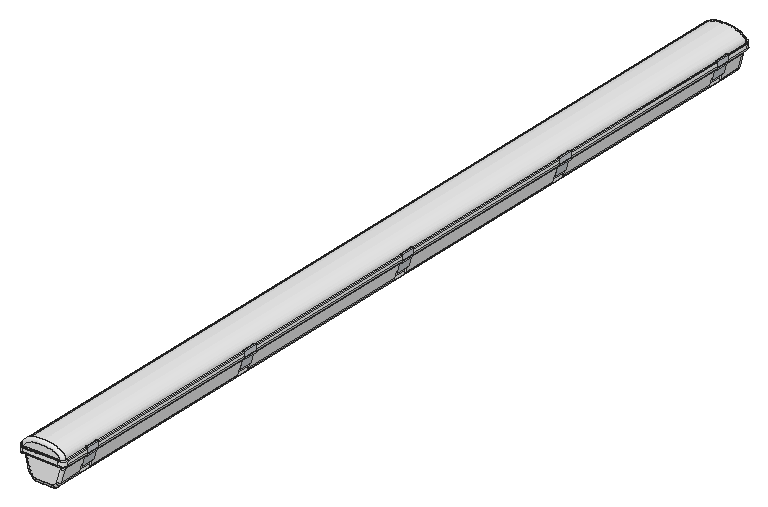
Revit family "0067977 Sylvania Lighting Fixture START Waterproof Single 1500 IP65 DA 4000lm 840 QC", category Lighting Fixtures, host Face, Revit 2016
Family settings
  Host = Face
  Part Type = Normal
  Round Connector Dimension = Use Diameter
  OmniClass Number = 23.80.70.11.14
  OmniClass Title = General Luminaries, Directional
  Cut with Voids When Loaded = No
  Light Source = Yes
  Shared = No
  Room Calculation Point = No
Parameters (values of type "0067977 ST WTRPRF S 1500 IP65 DALI 4000LM 840 QC")
  Width = 84 mm
  Weight = "kg"
  Wattage Comments = "n/a"
  Wattage = 33 W
  WarrantyStartDate [instance] = "n/a"
  WarrantyGuarantorParts = "n/a"
  WarrantyDurationUnit = "n/a"
  WarrantyDurationParts = "n/a"
  WarrantyDescription = "n/a"
  built-in parameter 1150110 = 1 (stored number, unit not read)
  Voltage = 0 V
  URL = "http://www.sylvania-lighting.com"
  TypeName = "START Waterproof Single 1500 IP65 DA 4000lm 840 QC"
  Type Image = <None>
  Type Comments = "n/a"
  built-in parameter 1114217 = 1 (stored number, unit not read)
  Tilt Angle = -90.00°
  built-in parameter 1150109 = 1 (stored number, unit not read)
  built-in parameter 1150134 = 12
  built-in parameter 1150113 = 1 (stored number, unit not read)
  SerialNumber [instance] = "n/a"
  ReflectorMaterial = none
  PowerFactor = 0
  PowerConsumption = "33 W"
  Photometric Web File = "0067977.ies"
  NominalWidth = 0 mm
  NominalLength = 1578 mm
  NominalHeight = 75 mm
  Name = "START Waterproof Single 1500 IP65 DA 4000lm 840 QC"
  ModelReference = "START Waterproof Single 1500 IP65 DA 4000lm 840 QC"
  ModelNumber = "0067977"
  Model = "START Waterproof Single 1500 IP65 DA 4000lm 840 QC"
  Material = "polycarbonate housing, polycarbonate diffuser"
  ManufacturerName = "Feilo Sylvania"
  Manufacturer = "Feilo Sylvania"
  LuminousEfficacy = "119 lm/W"
  built-in parameter 1150105 = 312.5 (stored number, unit not read)
  Lumens = 3927 lm
  LuminaireType = ""
  built-in parameter 1150115 = 1 (stored number, unit not read)
  LightOutputRatio = "n/a"
  built-in parameter 1150137 = (empty or 0)
  built-in parameter 1150139 = (empty or 0)
  Length = 1572 mm
  LampsType = Lamp  # "LED"
  LampNominalLuminous = "3950 lm"
  LampMacAdamStep = "n/a"
  LampColourTemperature = "4000 K"
  LampColourRenderingIndex = "80"
  built-in parameter 1150112 = 1 (stored number, unit not read)
  built-in parameter 1150114 = 1 (stored number, unit not read)
  Lamp = "LED"
  Keynote = "16500"
  InstallationDate [instance] = "n/a"
  InputVoltage = "n/a"
  InputNominalFrequency = "n/a"
  built-in parameter 1150132 = (empty or 0)
  built-in parameter 1150102 = (empty or 0)
  built-in parameter 1150107 = 4000 (stored number, unit not read)
  built-in parameter 1150138 = (empty or 0)
  IngressProtection = "IP65"
  ImpactProtectionIndex = "IK08"
  built-in parameter 1150106 = 3.125 (stored number, unit not read)
  IfcExportType = "IfcLightFixtureType"
  IfcExportAs = "IfcLightFixtureType"
  ExpectedLife = 50000
  Emit from Rectangle Width = Width - 20 mm  # 64 mm
  Emit from Rectangle Length = Length - 20 mm  # 1552 mm
  Emit Shape Visible in Rendering = no
  ElectricShockClassification = "Class I"
  built-in parameter 1150104 = 11.055 (stored number, unit not read)
  DurationUnit = "hours"
  DocumentationLiterature = "http://www.sylvania-lighting.com/product/en-int/products/0067977"
  DimmingControlOptions = "n/a"
  Dimming Lamp Color Temperature Shift = <None>
  DiffuserMaterial = Diffuser-Sylvania-Transparent
  Description = ""
  Default Elevation = 1219.2 mm
  CreatedOn = "11/27/2018"
  CreatedBy = "@sylvania-lighting.com"
  Cost = 0
  Color Filter = 16777215
  built-in parameter 1114216 [instance] = (empty or 0)
  ClassificationValue = "EF_70_80"
  ClassificationName = "Uniclass2015"
  BodyMaterial = Body-Sylvania-Gray
  BarCode [instance] = "n/a"
  built-in parameter 1114218 = 1 (stored number, unit not read)
  built-in parameter 1150133 = 10 (stored number, unit not read)
  AssetType = "Fixed"
  AssetIdentifier [instance] = "n/a"
  Assembly Code = "D5020200"
  Apparent Load = 33 VA
  AccessoryMaterial = Diffuser-Sylvania-Glow
Reference planes
  plane 1 "Center (Front/Back)": y = 0
  plane 2: z = 0
  plane 3 "Center (Left/Right)": x = 0
  plane 4: z = 54
  plane 5: x = -14.7
  plane 6: x = -21.8
  plane 7: x = -26.6
  plane 8: x = -29.2
  plane 9: z = 3
  plane 10: z = 7.8
  plane 11: z = 12.3
  plane 12: z = 36.6
  plane 13: z = 42.8
  plane 14: x = -38.1
  plane 15: z = 46.2
  plane 16: x = -42
  plane 17: y = 786
  plane 18: y = -786
  plane 19: x = 14.7
  plane 20: x = 21.8
  plane 21: x = 26.6
  plane 22: x = 29.2
  plane 23: x = 38.1
  plane 24: x = 42
  plane 25: y = 778.4
  plane 26: y = -778.4
  plane 27: y = -774.7
  plane 28: y = 774.7
  plane 29: z = 74
  plane 30: x = -38.5
  plane 31: x = 38.5
  plane 32: z = 55.2
  plane 33: y = -782.5
  plane 34: y = 782.5
  plane 35: x = -24.5
  plane 36: x = 24.5
  plane 37: x = -35.7
  plane 38: x = 35.7
  plane 39: z = 50.2
  plane 40: z = 24.6
  plane 41: y = -720
  plane 42: y = -734
  plane 43: y = -706
  plane 44: y = 720
  plane 45: y = -720
  plane 46: y = -734
  plane 47: y = -706
  plane 48: y = 720
  plane 49: y = 706
  plane 50: y = 734
  plane 51: y = -360
  plane 52: y = -374
  plane 53: y = -346
  plane 54: y = 0
  plane 55: y = -14
  plane 56: y = 14
  plane 57: y = 360
  plane 58: y = 346
  plane 59: y = 374
Forms (mm)
  Sweep 1, solid, material "Body-Sylvania-Gray" <- "BodyMaterial", detail levels medium+fine
    path origin (1223.4, -4572, 54) x (0, -1, 0) y (1, 0, 0)
      loop
        arc (-3796, -1265.4) -> (-3788.929, -1262.471) -> (-3786, -1255.4) r 10
        line (-3786, -1255.4) -> (-3786, -1191.4)
        arc (-3786, -1191.4) -> (-3788.929, -1184.329) -> (-3796, -1181.4) r 10
        line (-3796, -1181.4) -> (-5348, -1181.4)
        arc (-5348, -1181.4) -> (-5355.071, -1184.329) -> (-5358, -1191.4) r 10
        line (-5358, -1191.4) -> (-5358, -1255.4)
        arc (-5358, -1255.4) -> (-5355.071, -1262.471) -> (-5348, -1265.4) r 10
        line (-5348, -1265.4) -> (-3796, -1265.4)
    profile origin (-42, 0, 54) x (-1, 0, 0) y (0, 0, 1)
      loop
        line (0, 0) -> (-1, 0) -> (-1, -7.726)
        arc (-1, -7.726) -> (-1.994, -9.498) -> (-3.9, -10.2) r 2.937
        line (-3.9, -10.2) -> (-8.571, -10.2) -> (-8.571, -11.2) -> (-3.9, -11.2)
        arc (-3.9, -11.2) -> (-1.313, -10.231) -> (0, -7.8) r 3.937
        line (0, -7.8) -> (0, 0)
  Sweep 2, solid, material "Body-Sylvania-Gray" <- "BodyMaterial", detail levels medium+fine
    path origin (0, 0, 0) x (1, 0, 0) y (0, 0, 1)
      loop
        line (35.7, 42.8) -> (35.7, 36.6) -> (29.203, 12.31)
        arc (29.203, 12.31) -> (28.199, 9.884) -> (26.6, 7.8) r 10.052
        line (26.6, 7.8) -> (21.8, 3)
        arc (21.8, 3) -> (18.554, 0.781) -> (14.7, 0) r 9.902
        line (14.7, 0) -> (0, 0) -> (-14.7, 0)
        arc (-14.7, 0) -> (-18.554, 0.781) -> (-21.8, 3) r 9.902
        line (-21.8, 3) -> (-26.6, 7.8)
        arc (-26.6, 7.8) -> (-28.199, 9.884) -> (-29.203, 12.31) r 10.052
        line (-29.203, 12.31) -> (-35.7, 36.6) -> (-35.7, 42.8)
    profile origin (0, 0, 0) x (0, 0, -1) y (0, -1, 0)
      loop
        arc (0, 773.4) -> (-1.464, 776.936) -> (-5, 778.4) r 5
        line (-5, 778.4) -> (-7.8, 778.4) -> (-7.8, -778.4) -> (-5, -778.4)
        arc (-5, -778.4) -> (-1.464, -776.936) -> (0, -773.4) r 5
        line (0, -773.4) -> (0, 773.4)
  Extrusion 3, solid, material "Body-Sylvania-Gray" <- "BodyMaterial", detail levels medium+fine
    sketch origin (1524, 778.4, 1219.2) x (1, 0, 0) y (0, 0, 1)
      loop
        arc (-1545.668, -1204.874) -> (-1545.443, -1205.418) -> (-1545.085, -1205.885) r 2.252
        line (-1545.085, -1205.885) -> (-1540.231, -1210.738)
        arc (-1540.231, -1210.738) -> (-1539.534, -1211.227) -> (-1538.7, -1211.4) r 2.102
        line (-1538.7, -1211.4) -> (-1509.3, -1211.4)
        arc (-1509.3, -1211.4) -> (-1508.466, -1211.227) -> (-1507.769, -1210.738) r 2.102
        line (-1507.769, -1210.738) -> (-1502.915, -1205.885)
        arc (-1502.915, -1205.885) -> (-1502.557, -1205.418) -> (-1502.332, -1204.874) r 2.252
        line (-1502.332, -1204.874) -> (-1496.1, -1181.575) -> (-1496.1, -1176.4) -> (-1551.9, -1176.4) -> (-1551.9, -1181.575) -> (-1545.668, -1204.874)
    from 0 to 1556.8
  Sweep 4, solid, material "Diffuser-Sylvania-Transparent" <- "DiffuserMaterial", detail levels medium+fine
    path origin (0, 0, 0) x (1, 0, 0) y (0, 0, 1)
      loop
        spline (-38.5, 55.2) -> (-37.188, 60.066) -> (-33.342, 64.6) -> (-27.224, 68.494) -> (-19.25, 71.481) -> (-9.965, 73.359) -> (0, 74) -> (9.965, 73.359) -> (19.25, 71.481) -> (27.224, 68.494) -> (33.342, 64.6) -> (37.188, 60.066) -> (38.5, 55.2)
    profile origin (38.5, 0, 55.2) x (0, -1, 0) y (1, 0, 0)
      loop
        arc (782.5, -5.5) -> (780.889, -1.611) -> (777, 0) r 5.5
        line (777, 0) -> (-777, 0)
        arc (-777, 0) -> (-780.889, -1.611) -> (-782.5, -5.5) r 5.5
        line (-782.5, -5.5) -> (-782.5, -6.3) -> (-781.5, -6.3) -> (-781.5, -5.5)
        arc (-781.5, -5.5) -> (-780.182, -2.318) -> (-777, -1) r 4.5
        line (-777, -1) -> (777, -1)
        arc (777, -1) -> (780.182, -2.318) -> (781.5, -5.5) r 4.5
        line (781.5, -5.5) -> (781.5, -6.347) -> (782.5, -6.347) -> (782.5, -5.5)
  Extrusion 5, solid, material "Diffuser-Sylvania-Transparent" <- "DiffuserMaterial", detail levels medium+fine
    sketch origin (1524, -782.5, 1219.2) x (1, 0, 0) y (0, 0, 1)
      loop
        line (-1556.653, -1164) -> (-1491.347, -1164)
        spline (-1491.347, -1164) -> (-1491.939, -1161.945) -> (-1494.434, -1159.066) -> (-1499.342, -1155.96) -> (-1506.338, -1153.35) -> (-1514.799, -1151.648) -> (-1524, -1151.047) -> (-1533.201, -1151.648) -> (-1541.662, -1153.35) -> (-1548.658, -1155.96) -> (-1553.566, -1159.066) -> (-1556.061, -1161.945) -> (-1556.653, -1164)
    from 0 to -1
  Extrusion 6, solid, material "Diffuser-Sylvania-Transparent" <- "DiffuserMaterial", detail levels medium+fine
    sketch origin (1524, 782.5, 1219.2) x (1, 0, 0) y (0, 0, 1)
      loop
        spline (-1491.3, -1164) -> (-1491.898, -1161.922) -> (-1494.404, -1159.03) -> (-1499.322, -1155.918) -> (-1506.325, -1153.305) -> (-1514.793, -1151.602) -> (-1524, -1151) -> (-1533.207, -1151.602) -> (-1541.675, -1153.305) -> (-1548.678, -1155.918) -> (-1553.596, -1159.03) -> (-1556.102, -1161.922) -> (-1556.7, -1164)
        line (-1556.7, -1164) -> (-1491.3, -1164)
    from 0 to 1
  Extrusion 7, solid, material "Diffuser-Sylvania-Glow" <- "AccessoryMaterial", detail levels fine
    sketch origin (0, 0, 0) x (1, 0, 0) y (0, 0, 1)
      loop
        circle (0, 50.2) r 8
    from -774.7 to 774.7
  Extrusion 8, void
    sketch origin (0, -720, 2343.807) x (0, 0, -1) y (-1, 0, 0)
      loop
        line (2340.807, -24.5) -> (2331.507, -24.5) -> (2319.207, -29.2) -> (2319.207, -35.7) -> (2340.807, -35.7) -> (2340.807, -24.5)
      loop
        line (2340.807, 24.5) -> (2340.807, 35.7) -> (2319.207, 35.7) -> (2319.207, 29.2) -> (2331.507, 24.5) -> (2340.807, 24.5)
    from 14 to -14
  Extrusion 9, void, not visible
    sketch origin (0, -720, 2343.807) x (0, 0, -1) y (-1, 0, 0)
      loop
        line (2340.807, -24.5) -> (2331.507, -24.5) -> (2319.207, -29.2) -> (2319.207, -35.7) -> (2340.807, -35.7) -> (2340.807, -24.5)
      loop
        line (2340.807, 24.5) -> (2340.807, 35.7) -> (2319.207, 35.7) -> (2319.207, 29.2) -> (2331.507, 24.5) -> (2340.807, 24.5)
    from 14 to -14
  Extrusion 10, void
    sketch origin (0, 720, 2343.807) x (0, 0, -1) y (-1, 0, 0)
      loop
        line (2340.807, -24.5) -> (2331.507, -24.5) -> (2319.207, -29.2) -> (2319.207, -35.7) -> (2340.807, -35.7) -> (2340.807, -24.5)
      loop
        line (2340.807, 24.5) -> (2340.807, 35.7) -> (2319.207, 35.7) -> (2319.207, 29.2) -> (2331.507, 24.5) -> (2340.807, 24.5)
    from 14 to -14
  Extrusion 11, void
    sketch origin (0, -360, 2343.807) x (0, 0, -1) y (-1, 0, 0)
      loop
        line (2340.807, -24.5) -> (2331.507, -24.5) -> (2319.207, -29.2) -> (2319.207, -35.7) -> (2340.807, -35.7) -> (2340.807, -24.5)
      loop
        line (2340.807, 24.5) -> (2340.807, 35.7) -> (2319.207, 35.7) -> (2319.207, 29.2) -> (2331.507, 24.5) -> (2340.807, 24.5)
    from 14 to -14
  Extrusion 12, void
    sketch origin (0, 0, 2343.807) x (0, 0, -1) y (-1, 0, 0)
      loop
        line (2340.807, -24.5) -> (2331.507, -24.5) -> (2319.207, -29.2) -> (2319.207, -35.7) -> (2340.807, -35.7) -> (2340.807, -24.5)
      loop
        line (2340.807, 24.5) -> (2340.807, 35.7) -> (2319.207, 35.7) -> (2319.207, 29.2) -> (2331.507, 24.5) -> (2340.807, 24.5)
    from 14 to -14
  Extrusion 13, void
    sketch origin (0, 360, 2343.807) x (0, 0, -1) y (-1, 0, 0)
      loop
        line (2340.807, -24.5) -> (2331.507, -24.5) -> (2319.207, -29.2) -> (2319.207, -35.7) -> (2340.807, -35.7) -> (2340.807, -24.5)
      loop
        line (2340.807, 24.5) -> (2340.807, 35.7) -> (2319.207, 35.7) -> (2319.207, 29.2) -> (2331.507, 24.5) -> (2340.807, 24.5)
    from 14 to -14
  Extrusion 14, solid, material "Diffuser-Sylvania-Transparent" <- "DiffuserMaterial", detail levels medium+fine
    sketch origin (1223.4, -4572, 54) x (0, -1, 0) y (-1, 0, 0)
      loop
        arc (-5348, 1265.4) -> (-5355.071, 1262.471) -> (-5358, 1255.4) r 10
        line (-5358, 1255.4) -> (-5358, 1191.4)
        arc (-5358, 1191.4) -> (-5355.071, 1184.329) -> (-5348, 1181.4) r 10
        line (-5348, 1181.4) -> (-3796, 1181.4)
        arc (-3796, 1181.4) -> (-3788.929, 1184.329) -> (-3786, 1191.4) r 10
        line (-3786, 1191.4) -> (-3786, 1255.4)
        arc (-3786, 1255.4) -> (-3788.929, 1262.471) -> (-3796, 1265.4) r 10
        line (-3796, 1265.4) -> (-5348, 1265.4)
      loop
        arc (-5354.5, 1190.394) -> (-5352.887, 1186.509) -> (-5349, 1184.9) r 5.5
        line (-5349, 1184.9) -> (-3795, 1184.9)
        arc (-3795, 1184.9) -> (-3791.113, 1186.509) -> (-3789.5, 1190.394) r 5.5
        line (-3789.5, 1190.394) -> (-3789.5, 1256.406)
        arc (-3789.5, 1256.406) -> (-3791.113, 1260.291) -> (-3795, 1261.9) r 5.5
        line (-3795, 1261.9) -> (-5349, 1261.9)
        arc (-5349, 1261.9) -> (-5352.887, 1260.291) -> (-5354.5, 1256.406) r 5.5
        line (-5354.5, 1256.406) -> (-5354.5, 1190.394)
    from 0 to -1.2
  Extrusion 15, solid, material "Body-Sylvania-Gray" <- "BodyMaterial", detail levels coarse
    sketch origin (0, 0, 0) x (1, 0, 0) y (0, 0, 1)
      loop
        line (-42, 55.2) -> (-42, 42.8) -> (-26.6, 0) -> (26.6, 0) -> (42, 42.8) -> (42, 55.2) -> (-42, 55.2)
    from -786 to 786
  Extrusion 16, solid, material "Diffuser-Sylvania-Transparent" <- "DiffuserMaterial", detail levels coarse
    sketch origin (0, 0, 0) x (1, 0, 0) y (0, 0, 1)
      loop
        line (-38.5, 55.2) -> (38.5, 55.2)
        arc (38.5, 55.2) -> (0, 74) -> (-38.5, 55.2) r 48.822
    from -778.4 to 778.4
Cuts and joins
  Extrusion 8, Extrusion 10, Extrusion 11, Extrusion 12, Extrusion 13 cuts Sweep 2
  Extrusion 8, Extrusion 10, Extrusion 11, Extrusion 12, Extrusion 13 cuts Extrusion 3
  joined: Sweep 2, Extrusion 3
  joined: Sweep 4, Extrusion 5, Extrusion 6, Extrusion 14
Dimensions and locks
  locked: plane 4 to plane 2 at 54
  plane 5 to plane 6 to plane 7 to plane 8 to plane 14 to plane 16 = 7.1 mm locked, 4.8 mm locked, 2.6 mm locked, 8.9 mm locked, 3.9 mm locked
  plane 4 to plane 15 to plane 13 to plane 12 to plane 11 to plane 10 to plane 9 = 7.8 mm locked, 3.4 mm, 6.2 mm locked, 24.3 mm locked, 4.5 mm locked, 4.8 mm locked
  equal spacing: plane 18, plane 1 "Center (Front/Back)", plane 17
  "Length": plane 18 to plane 17
  plane 19 to plane 20 to plane 21 to plane 22 to plane 23 to plane 24 = 7.1 mm locked, 4.8 mm locked, 2.6 mm locked, 8.9 mm, 3.9 mm
  equal spacing: plane 24, plane 3 "Center (Left/Right)", plane 16
  "Width": plane 24 to plane 16
  equal spacing: plane 27, plane 1 "Center (Front/Back)", plane 28
  locked: plane 26 to plane 27 at 3.7
  locked: Sweep 1 sketch curve to profile plane at 1
  locked: Sweep 1 sketch curve to plane 13 at 1
  locked: Sweep 1 sketch curve to plane 13 at 3.937  (x2)
  locked: Sweep 1 sketch curve to profile plane at 3.9  (x2)
  plane 29 to plane 4 = 20 mm
  equal spacing: plane 31, plane 3 "Center (Left/Right)", plane 30
  locked: plane 30 to plane 16 at 3.5
  locked: plane 32 to plane 4 at 1.2
  equal spacing: plane 33, plane 1 "Center (Front/Back)", plane 34
  equal spacing: plane 36, plane 3 "Center (Left/Right)", plane 35
  locked: plane 34 to plane 17 at 3.5
  equal spacing: plane 38, plane 3 "Center (Left/Right)", plane 37
  locked: plane 37 to plane 16 at 6.3
  equal spacing: plane 25, plane 1 "Center (Front/Back)", plane 26
  locked: plane 17 to plane 25 at 7.6
  locked: Sweep 2 sketch curve to plane 2 at 5  (x2)
  locked: Sweep 2 sketch curve to plane 26 at 5
  locked: plane 25 to Sweep 2 sketch curve at 5
  locked: Sweep 4 sketch curve to plane 31 at 5.5  (x2)
  locked: Sweep 4 sketch curve to plane 34 at 5.5
  plane 33 to Sweep 4 sketch curve = 5.5 mm
  locked: plane 34 to Sweep 4 sketch curve at 1
  locked: Sweep 4 sketch curve to plane 31 at 1
  locked: Sweep 4 sketch curve to Sweep 4 sketch curve at 1
  locked: Sweep 4 sketch curve to plane 31 at 6.347
  locked: Sweep 4 sketch curve to plane 31 at 6.3
  locked: plane 40 to plane 2 at 24.6
  locked: plane 6 to plane 35 at 2.7
  locked: plane 1 "Center (Front/Back)" to plane 41 at 720
  plane 43 to plane 41 to plane 42 = 14 mm locked, 14 mm locked
  locked: plane 44 to plane 1 "Center (Front/Back)" at 720
  plane 47 to plane 45 to plane 46 = 14 mm locked, 14 mm locked
  plane 50 to plane 48 to plane 49 = 14 mm locked, 14 mm locked  (x2)
  equal spacing: group 1, group 6, group 7, group 8, group 5  (x3)
  plane 53 to plane 51 to plane 52 = 14 mm locked, 14 mm locked  (x2)
  plane 56 to plane 54 to plane 55 = 14 mm locked, 14 mm locked  (x2)
  plane 59 to plane 57 to plane 58 = 14 mm locked, 14 mm locked  (x2)
  plane 48 to plane 57 to plane 1 "Center (Front/Back)" to plane 51 to plane 41 = 360 mm locked, 360 mm locked, 360 mm locked, 360 mm locked
  aligned and locked: plane 2 to host face
  aligned and locked: level to host face
  aligned and locked: plane 16 to Sweep 1 sketch curve
  aligned and locked: Sweep 1 sketch curve to plane 24
  aligned and locked: plane 18 to Sweep 1 sketch curve
  aligned and locked: Sweep 1 sketch curve to plane 13
  aligned and locked: profile plane to Sweep 1 sketch curve
  aligned and locked: plane 3 "Center (Left/Right)" to Sweep 2 sketch curve
  aligned and locked: plane 9 to Sweep 2 sketch curve
  aligned and locked: plane 10 to Sweep 2 sketch curve
  aligned and locked: plane 37 to Sweep 2 sketch curve
  aligned and locked: plane 12 to Sweep 2 sketch curve
  aligned and locked: Sweep 2 sketch curve to level
  aligned and locked: plane 21 to Sweep 2 sketch curve
  aligned and locked: plane 38 to Sweep 2 sketch curve
  aligned and locked: profile plane to Sweep 2 sketch curve
  aligned and locked: plane 25 to Sweep 2 sketch curve
  aligned and locked: Sweep 2 sketch curve to plane 10
  aligned and locked: Extrusion 3 sketch curve to Sweep 2  (x7)
  aligned and locked: Sweep 2 to Extrusion 3 sketch curve
  aligned and locked: Extrusion 3 to plane 25
  aligned and locked: plane 26 to Extrusion 3
  aligned and locked: plane 32 to Sweep 4 sketch curve
  aligned and locked: plane 33 to Sweep 4 sketch curve
  aligned and locked: Sweep 4 to Extrusion 5
  aligned and locked: plane 33 to Extrusion 5
  aligned and locked: plane 39 to Extrusion 7 sketch curve
  aligned and locked: plane 27 to Extrusion 7
  aligned and locked: Extrusion 7 to plane 28
  aligned and locked: Extrusion 6 sketch curve to Sweep 4
  aligned and locked: Extrusion 5 sketch curve to Sweep 4
  aligned and locked: Extrusion 8 to plane 43
  aligned and locked: plane 42 to Extrusion 8
  aligned and locked: Extrusion 10 to plane 50
  aligned and locked: plane 49 to Extrusion 10
  aligned and locked: Extrusion 11 to plane 53
  aligned and locked: plane 52 to Extrusion 11
  aligned and locked: Extrusion 12 to plane 56
  aligned and locked: plane 55 to Extrusion 12
  aligned and locked: Extrusion 13 to plane 59
  aligned and locked: plane 58 to Extrusion 13
  aligned and locked: plane 3 "Center (Left/Right)" to Extrusion 7 sketch curve
  aligned and locked: Extrusion 14 sketch curve to Sweep 1  (x4)
  aligned and locked: Extrusion 14 to plane 32
  aligned and locked: plane 4 to Extrusion 14
  aligned and locked: plane 48 to nested 1
  aligned and locked: plane 57 to nested 2
  aligned and locked: plane 54 to nested 3
  aligned and locked: nested 4 to plane 51
  aligned and locked: nested 5 to plane 41
  aligned and locked: plane 41 to nested 10
  aligned and locked: plane 51 to nested 9
  aligned and locked: plane 54 to nested 8
  aligned and locked: plane 57 to nested 7
  aligned and locked: plane 48 to nested 6
  aligned and locked: plane 1 "Center (Front/Back)" to imposter light
  aligned and locked: plane 3 "Center (Left/Right)" to imposter light
  aligned and locked: imposter light to plane 29
  aligned and locked: plane 7 to Extrusion 15 sketch curve
  aligned and locked: plane 2 to Extrusion 15 sketch curve
  aligned and locked: Extrusion 15 sketch curve to nested 6
  aligned and locked: Extrusion 15 sketch curve to nested 1
  aligned and locked: plane 18 to Extrusion 15
  aligned and locked: Extrusion 15 to plane 17
  aligned and locked: Extrusion 15 to Sweep 1  (x2)
  aligned and locked: plane 30 to Extrusion 16 sketch curve
  aligned and locked: plane 31 to Extrusion 16 sketch curve
  aligned and locked: Extrusion 16 sketch curve to cut or joined group of Sweep 4, Extrusion 5, Extrusion 6, Extrusion 14
  aligned and locked: Extrusion 16 to plane 25
  aligned and locked: plane 26 to Extrusion 16
Automatic sketch dimensions
  host sketch curve to host sketch curve = 2438.4 mm  (x2)
  plane 17 to Sweep 1 sketch curve = 0 mm
  Sweep 1 sketch curve to plane 28 = 1.3 mm
  Sweep 1 sketch curve to plane 7 = 5.4 mm
  plane 27 to Sweep 1 sketch curve = 1.3 mm  (x2)
  Sweep 1 sketch curve to Sweep 1 sketch curve = 4.671 mm
  Sweep 1 sketch curve to plane 4 = 0 mm
  Sweep 2 sketch curve to plane 7 = 0 mm
  Sweep 2 sketch curve to plane 6 = 0 mm
  Sweep 2 sketch curve to plane 5 = 0 mm
  plane 19 to Sweep 2 sketch curve = 0 mm
  Sweep 2 sketch curve to plane 9 = 0 mm
  plane 20 to Sweep 2 sketch curve = 0 mm
  Sweep 2 sketch curve to plane 12 = 0 mm
  Sweep 2 sketch curve to plane 10 = 0 mm
  Sweep 2 sketch curve to plane 13 = 0 mm  (x2)
  Sweep 2 sketch curve to plane 8 = 0.003 mm
  plane 6 to Sweep 2 sketch curve = 2.308 mm
  plane 20 to Sweep 2 sketch curve = 2.308 mm
  Sweep 2 sketch curve to plane 22 = 0.003 mm
  Sweep 2 sketch curve to plane 11 = 0.01 mm  (x2)
  Extrusion 3 sketch curve to plane 5 = 0 mm
  plane 19 to Extrusion 3 sketch curve = 0 mm
  plane 6 to Extrusion 3 sketch curve = 0.132 mm
  plane 6 to Extrusion 3 sketch curve = 0.715 mm
  Extrusion 3 sketch curve to Extrusion 3 sketch curve = 1.592 mm
  Extrusion 3 sketch curve to plane 10 = 0.662 mm  (x2)
  plane 20 to Extrusion 3 sketch curve = 2.308 mm
  plane 20 to Extrusion 3 sketch curve = 0.715 mm
  plane 20 to Extrusion 3 sketch curve = 0.132 mm
  Sweep 4 sketch curve to plane 30 = 0 mm
  Sweep 4 sketch curve to plane 3 "Center (Left/Right)" = 0 mm
  Sweep 4 sketch curve to Sweep 4 sketch curve = 0 mm  (x2)
  plane 37 to Extrusion 6 sketch curve = 3 mm
  Extrusion 6 sketch curve to plane 38 = 3 mm
  plane 37 to Extrusion 5 sketch curve = 3.047 mm
  Extrusion 5 sketch curve to plane 38 = 3.047 mm
  Extrusion 8 sketch curve to Extrusion 8 sketch curve = 0 mm
  Extrusion 8 sketch curve to Extrusion 8 sketch curve = 12.3 mm  (x2)
  Extrusion 8 sketch curve to Extrusion 8 sketch curve = 9.3 mm  (x2)
  Extrusion 8 sketch curve to Extrusion 8 sketch curve = 6.5 mm  (x2)
  Extrusion 8 sketch curve to Extrusion 8 sketch curve = 4.7 mm  (x2)
  Extrusion 8 sketch curve to Extrusion 8 sketch curve = 49 mm
  Extrusion 9 sketch curve to Extrusion 9 sketch curve = 0 mm
  Extrusion 9 sketch curve to Extrusion 9 sketch curve = 12.3 mm  (x2)
  Extrusion 9 sketch curve to Extrusion 9 sketch curve = 9.3 mm  (x2)
  Extrusion 9 sketch curve to Extrusion 9 sketch curve = 6.5 mm  (x2)
  Extrusion 9 sketch curve to Extrusion 9 sketch curve = 4.7 mm  (x2)
  Extrusion 9 sketch curve to Extrusion 9 sketch curve = 49 mm
  Extrusion 10 sketch curve to Extrusion 10 sketch curve = 0 mm
  Extrusion 10 sketch curve to Extrusion 10 sketch curve = 12.3 mm  (x2)
  Extrusion 10 sketch curve to Extrusion 10 sketch curve = 9.3 mm  (x2)
  Extrusion 10 sketch curve to Extrusion 10 sketch curve = 6.5 mm  (x2)
  Extrusion 10 sketch curve to Extrusion 10 sketch curve = 4.7 mm  (x2)
  Extrusion 10 sketch curve to Extrusion 10 sketch curve = 49 mm
  Extrusion 11 sketch curve to Extrusion 11 sketch curve = 0 mm
  Extrusion 11 sketch curve to Extrusion 11 sketch curve = 12.3 mm  (x2)
  Extrusion 11 sketch curve to Extrusion 11 sketch curve = 9.3 mm  (x2)
  Extrusion 11 sketch curve to Extrusion 11 sketch curve = 6.5 mm  (x2)
  Extrusion 11 sketch curve to Extrusion 11 sketch curve = 4.7 mm  (x2)
  Extrusion 11 sketch curve to Extrusion 11 sketch curve = 49 mm
  Extrusion 12 sketch curve to Extrusion 12 sketch curve = 0 mm
  Extrusion 12 sketch curve to Extrusion 12 sketch curve = 12.3 mm  (x2)
  Extrusion 12 sketch curve to Extrusion 12 sketch curve = 9.3 mm  (x2)
  Extrusion 12 sketch curve to Extrusion 12 sketch curve = 6.5 mm  (x2)
  Extrusion 12 sketch curve to Extrusion 12 sketch curve = 4.7 mm  (x2)
  Extrusion 12 sketch curve to Extrusion 12 sketch curve = 49 mm
  Extrusion 13 sketch curve to Extrusion 13 sketch curve = 0 mm
  Extrusion 13 sketch curve to Extrusion 13 sketch curve = 12.3 mm  (x2)
  Extrusion 13 sketch curve to Extrusion 13 sketch curve = 9.3 mm  (x2)
  Extrusion 13 sketch curve to Extrusion 13 sketch curve = 6.5 mm  (x2)
  Extrusion 13 sketch curve to Extrusion 13 sketch curve = 4.7 mm  (x2)
  Extrusion 13 sketch curve to Extrusion 13 sketch curve = 49 mm
  Extrusion 14 sketch curve to plane 34 = 0 mm
  plane 30 to Extrusion 14 sketch curve = 0 mm
  Extrusion 14 sketch curve to plane 31 = 0 mm
  plane 33 to Extrusion 14 sketch curve = 0 mm
  plane 25 to Extrusion 14 sketch curve = 1.4 mm  (x4)
  Extrusion 14 sketch curve to plane 26 = 1.4 mm  (x4)
  plane 37 to Extrusion 14 sketch curve = 2.694 mm  (x2)
  Extrusion 14 sketch curve to plane 38 = 2.694 mm  (x2)
  plane 21 to Extrusion 15 sketch curve = 0 mm
  Extrusion 15 sketch curve to plane 13 = 0 mm  (x2)
  Extrusion 15 sketch curve to plane 32 = 0 mm
  Extrusion 16 sketch curve to plane 40 = 0.578 mm
  radius of Extrusion 7 sketch curve = 8 mm
Nested families
  nested 1: "Clip" at (-29.2, 720, 24.6) x (-1, 0, 0) z (0, 0, 1), type "Clip", detail levels fine
  nested 2: "Clip" at (-29.2, 360, 24.6) x (-1, 0, 0) z (0, 0, 1), type "Clip", detail levels fine
  nested 3: "Clip" at (-29.2, 0, 24.6) x (-1, 0, 0) z (0, 0, 1), type "Clip", detail levels fine
  nested 4: "Clip" at (-29.2, -360, 24.6) x (-1, 0, 0) z (0, 0, 1), type "Clip", detail levels fine
  nested 5: "Clip" at (-29.2, -720, 24.6) x (-1, 0, 0) z (0, 0, 1), type "Clip", detail levels fine
  nested 6: "Clip" at (29.2, 720, 24.6), type "Clip", detail levels fine
  nested 7: "Clip" at (29.2, 360, 24.6), type "Clip", detail levels fine
  nested 8: "Clip" at (29.2, 0, 24.6), type "Clip", detail levels fine
  nested 9: "Clip" at (29.2, -360, 24.6), type "Clip", detail levels fine
  nested 10: "Clip" at (29.2, -720, 24.6), type "Clip", detail levels fine
Connectors
  electrical at (0, 0, 0), driven by "Apparent Load"
    settings: index 1, voltage 230 V, apparent load 33 VA, apparent load phase1 0 VA, apparent load phase2 0 VA, apparent load phase3 0 VA, power factor 0, load classification "Lighting", number of poles 1, system type 30, power factor state 1, is connector primary yes, connector utility no, sub classification motor no, connector description ""
Definition of nested family "Clip"
  Parameters (values of type "Clip")
    URL = "http://www.feilosylvania.com"
    Type Comments = "n/a"
    Model = "n/a"
    Manufacturer = "Feilo Sylvania"
    Keynote = "n/a"
    Description = "n/a"
    Default Elevation = 1219.2 mm
    Cost = 0
    BodyMaterial = none
    Assembly Code = "n/a"
  Reference planes
    plane 1 "Center (Front/Back)": y = 0
    plane 2: z = 0
    plane 3 "Center (Left/Right)": x = 0
    plane 4: x = 3.3
    plane 5: x = 6.5
    plane 6: x = 8.9
    plane 7: x = 12.8
    plane 8: z = 12
    plane 9: z = 18.2
    plane 10: z = 21.6
    plane 11: z = 30.6
    plane 12: x = 9.3
    plane 13: z = 19.2
    plane 14: z = 16.2
    plane 15: x = 10.1
    plane 16: y = 12
    plane 17: y = -12
  Forms (mm)
    Extrusion 1, solid
      sketch origin (-0.8, 0, 0) x (1, 0, 0) y (0, 1, 0)
        loop
          line (-1219.2, 1219.2) -> (-1219.2, -1219.2) -> (1219.2, -1219.2) -> (1219.2, 1219.2) -> (-1219.2, 1219.2)
      from 0 to -304.8
    Extrusion 2, solid
      sketch origin (0, 0, 0) x (1, 0, 0) y (0, 0, 1)
        loop
          line (8.9, 16.2) -> (4.58, 0) -> (0, 0) -> (0, -0.8) -> (5.195, -0.8) -> (9.603, 15.731) -> (13.6, 18.806) -> (13.6, 30.6)
          arc (13.6, 30.6) -> (11.45, 32.75) -> (9.3, 30.6) r 2.15
          line (9.3, 30.6) -> (10.1, 30.6)
          arc (10.1, 30.6) -> (11.45, 31.95) -> (12.8, 30.6) r 1.35
          line (12.8, 30.6) -> (12.8, 19.2) -> (8.9, 16.2)
      from -12 to 12
  Lines and regions (mm)
    reference lines
      curve 1: line (3.3, 0, 0) -> (6.5, 0, 12)
      curve 2: arc (8.9, 0, 18.2) -> (11.488, 0, 19.169) -> (12.8, 0, 21.6) r 3.934
  Dimensions and locks
    plane 7 to plane 6 to plane 5 to plane 4 to plane 3 "Center (Left/Right)" = 3.9 mm locked, 2.4 mm locked, 3.2 mm locked, 3.3 mm locked
    plane 11 to plane 10 to plane 9 to plane 8 to plane 2 = 9 mm locked, 3.4 mm locked, 6.2 mm locked, 12 mm locked
    locked: plane 7 to plane 12 at 3.5
    locked: plane 13 to plane 9 at 1
    locked: plane 9 to plane 14 at 2
    locked: plane 15 to plane 12 at 0.8
    locked: plane 2 to Extrusion 2 sketch curve at 0.8
    locked: Extrusion 2 sketch curve to Extrusion 2 sketch curve at 0.8  (x3)
    locked: plane 7 to Extrusion 2 sketch curve at 1.35
    equal spacing: plane 17, plane 1 "Center (Front/Back)", plane 16
    locked: plane 1 "Center (Front/Back)" to plane 16 at 12
    aligned and locked: plane 2 to Extrusion 1
    aligned and locked: level to Extrusion 1
    aligned and locked: plane 4 to curve 1
    aligned and locked: plane 5 to curve 1
    aligned and locked: plane 6 to curve 2
    aligned and locked: plane 10 to curve 2
    aligned and locked: plane 14 to Extrusion 2 sketch curve
    aligned and locked: plane 13 to Extrusion 2 sketch curve
    aligned and locked: plane 7 to Extrusion 2 sketch curve
    aligned and locked: plane 3 "Center (Left/Right)" to Extrusion 2 sketch curve
    aligned and locked: Extrusion 2 sketch curve to level
    aligned and locked: Extrusion 2 sketch curve to plane 11
    aligned and locked: plane 11 to Extrusion 2 sketch curve
    aligned and locked: Extrusion 2 to plane 16
    aligned and locked: plane 17 to Extrusion 2
  Automatic sketch dimensions
    Extrusion 1 sketch curve to Extrusion 1 sketch curve = 2438.4 mm  (x2)
    curve 2 to plane 7 = 0 mm
    curve 1 to level = 0 mm
    curve 1 to plane 8 = 0 mm
    curve 2 to plane 9 = 0 mm
    plane 6 to curve 2 = 0.002 mm
    Extrusion 2 sketch curve to Extrusion 2 sketch curve = 0 mm
    Extrusion 2 sketch curve to plane 6 = 0 mm
    plane 4 to Extrusion 2 sketch curve = 1.28 mm
